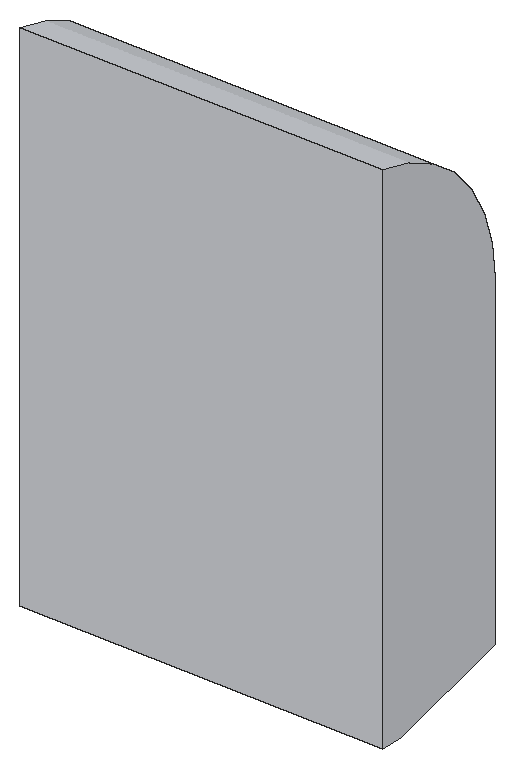
Revit family "DAN DRYER Stainless Design Mini Design 289", category Furniture Systems, host Wall, Revit 2018
Family settings
  Host = Wall
  Round Connector Dimension = Use Diameter
  Part Type = Normal
  Always vertical = Yes
  Cut with Voids When Loaded = No
  Shared = No
  Room Calculation Point = No
Parameters (values of type "Stål")
  Wicth = 375 mm
  URL = "http://www.dandryer.com/Files/Billeder/PDF/Datablade/Nye/Technical_data_sheet_289.pdf"
  Type Image = <None>
  Offset from Floor = 1200 mm
  Model = "Stainless design"
  Manufacturer = "http://www.dandryer.com/"
  Height = 535 mm
  Description = "STAINLESS DESIGN Toilet roll holder Art. no. 289"
  Cost = 0
Reference planes
  plane 1 "Wall": y = 0
  plane 2 "Center (Left/Right)": x = 125
  plane 3 "Back": y = 75
  plane 4 "Top": z = 1200
  plane 5 "Bund": z = 665
  plane 6: x = 312.5
  plane 7: x = -62.5
Forms (mm)
  Extrusion 1, solid
    sketch origin (125, 0, 0) x (0, 1, 0) y (0, 0, 1)
      loop
        line (75, 665) -> (97.679, 665) -> (219, 697.508) -> (219, 1037.508)
        arc (219, 1037.508) -> (177.82, 1146.066) -> (75, 1200) r 163.68
        line (75, 1200) -> (75, 665)
    from -187.5 to 187.5
  Extrusion 2, solid
    sketch origin (125, 0, 0) x (0, 1, 0) y (0, 0, 1)
      loop
        line (197.861, 691.843) -> (133.494, 674.596) -> (134.27, 671.699) -> (198.637, 688.946) -> (197.861, 691.843)
    from -81.28 to 139.434
Text (mm)
  text "Placement Side" at (-1848.837, 1116.779, 0), in view "Ref. Level"
  text "Placement side" at (0, 1409.804, 2854.306), in view "Left"
  text "Placement side" at (0, 499.811, 2980.732), in view "Right"
Dimensions and locks
  locked: plane 3 "Back" to host wall
  "Height": plane 5 "Bund" to plane 4 "Top"
  equal spacing: plane 7, plane 2 "Center (Left/Right)", plane 6
  "Wicth": plane 7 to plane 6
  "Offset from Floor": level to plane 4 "Top"
  aligned and locked: plane 1 "Wall" to host wall
  aligned and locked: Extrusion 1 to plane 7
  aligned and locked: Extrusion 1 to plane 6
  aligned and locked: plane 4 "Top" to Extrusion 1 sketch curve
  aligned and locked: host wall to Extrusion 1 sketch curve
Automatic sketch dimensions
  Extrusion 1 sketch curve to plane 5 "Bund" = 0 mm
  Extrusion 1 sketch curve to host wall = 19.68 mm
  Extrusion 1 sketch curve to Extrusion 1 sketch curve = 22.679 mm
  plane 5 "Bund" to Extrusion 1 sketch curve = 32.508 mm
  Extrusion 1 sketch curve to Extrusion 1 sketch curve = 121.321 mm
  plane 5 "Bund" to Extrusion 2 sketch curve = 6.699 mm
  host wall to Extrusion 2 sketch curve = 59.27 mm
  plane 5 "Bund" to Extrusion 2 sketch curve = 23.946 mm
  plane 5 "Bund" to Extrusion 2 sketch curve = 9.596 mm
  Extrusion 2 sketch curve to Extrusion 2 sketch curve = 0.776 mm
